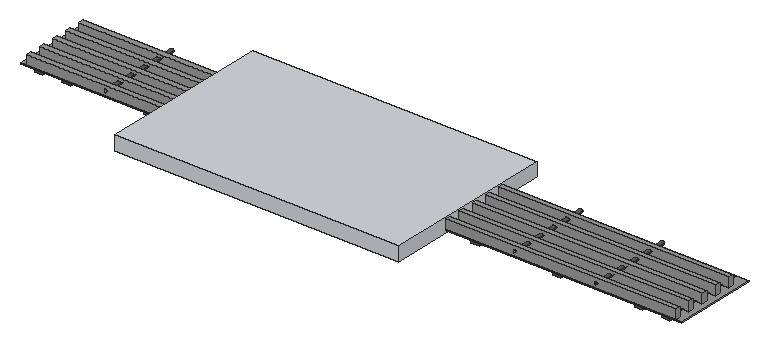
Revit family "1412-5, Solid", category Generic Models, host Face, Revit 2020
Family settings
  Host = Face
  Can host rebar = No
  Round Connector Dimension = Use Diameter
  Part Type = Normal
  Cut with Voids When Loaded = No
  Shared = No
  Room Calculation Point = No
Parameters
  min_value [instance] = 2' - 4"  # constant formula
  max_value [instance] = 11' - 11 1/4"  # constant formula
  actual_value [instance] = if(NET LENGTH < min_value, min_value, if(NET LENGTH > max_value, max_value, NET LENGTH))  # 7' - 11 1/4"
  SCRIM MATERIAL [instance] = SCRIM
  SCRIM APPEARANCE [instance] = yes
  NET LENGTH [instance] = 7' - 11 1/4"
  IMPORTANT NOTE!!!                                                                             *Backer & dowel layout is for visualization purposes only, final layout to be determined by 9Wood. [instance] = ""
  Default Elevation = 4' - 0"
  DOWEL RADIUS [instance] = 0' - 0 1/4"  # constant formula
  BACKER & DOWEL MATERIAL [instance] = BLACK-BACKERS
  .. MEMBER WIDTH [instance] = 0' - 0 3/4"  # constant formula
  .. MEMBER MATERIAL [instance] = Solid Western Hemlock
  .. MEMBER DEPTH [instance] = 0' - 1 3/8"  # constant formula
  .. MEMBER COUNT [instance] = 5  # constant formula
Reference planes (in)
  plane 1 "Center (Front/Back)": y = 0
  plane 2: z = 0
  plane 3 "Center (Left/Right)": x = 0
Forms (in)
  Extrusion 1, solid
    sketch origin (0, 0, 0) x (1, 0, 0) y (0, 1, 0)
      loop
        line (-24.24823, 14.63962) -> (-24.24823, -10.69266) -> (17.36192, -10.69266) -> (17.36192, 14.63962) -> (-24.24823, 14.63962)
    from 0 to 2.0625
Dimensions and locks (in)
  aligned and locked: plane 2 to Extrusion 1
Nested families (in)
  nested 1: "1400 series" at (-44.01308, -2.1224, 0.00189), NET LENGTH <- "actual_value", .. MEMBER DEPTH <- ".. MEMBER DEPTH", .. MEMBER WIDTH <- ".. MEMBER WIDTH", DOWEL RADIUS <- "DOWEL RADIUS", BACKER & DOWEL MATERIAL <- "BACKER & DOWEL MATERIAL", .. MEMBER MATERIAL <- ".. MEMBER MATERIAL", SCRIM MATERIAL <- "SCRIM MATERIAL", MEMBER COUNT <- ".. MEMBER COUNT", SCRIM APPEARANCE <- "SCRIM APPEARANCE", type "1400 series"
    with X 7' - 8", SCRIM MATERIAL SCRIM, SCRIM LENGTH 8' - 1", SCRIM APPEARANCE yes, SCRIM 2 0' - 0 7/8", SCRIM 1 0' - 0 3/32", OC TYP 1' - 0", NET LENGTH 7' - 11 1/4", N 8, MEMBER COUNT 5, INSET 2 0' - 0 3/16", INSET 0' - 1", HALF MEMBER WIDTH 0' - 0 3/8", END BACKER yes, DOWEL RADIUS 0' - 0 1/4", DOWEL INDEX 0' - 11 5/8", DOWEL COUNT 7, BACKING M COUNT 8, BACKER WIDTH 0' - 1 1/4", BACKER INDEX 0' - 5 5/8", BACKER DEPTH 0' - 0 1/2", BACKER & DOWEL MATERIAL BLACK-BACKERS, BACKER &  DOWEL LENGTH 0' - 11 7/8", .. MEMBER WIDTH 0' - 0 3/4", .. MEMBER OC TYP 0' - 2.4", .. MEMBER MATERIAL Solid Western Hemlock, .. MEMBER DEPTH 0' - 1 3/8"
Definition of nested family "1400 series"
  Parameters (values of type "1400 series")
    X [instance] = NET LENGTH - 0' 3 1/4"  # 7' - 2"
    SCRIM MATERIAL [instance] = none
    SCRIM APPEARANCE [instance] = yes
    SCRIM 2 [instance] = 0' - 0 7/8"  # constant formula
    SCRIM 1 [instance] = 0' - 0 3/32"  # constant formula
    OC TYP [instance] = 1' - 0"  # constant formula
    N [instance] = if((X - (rounddown(X / 1' 0") * 1' 0")) > 1' 0", rounddown(X / 1' 0") + 2, rounddown(X / 1' 0") + 1)  # 8
    MEMBER COUNT [instance] = 2
    INSET 5 = 0' - 0 11/16"  # constant formula
    INSET 2 [instance] = 0' - 0 3/16"  # constant formula
    INSET [instance] = 0' - 1"  # constant formula
    END BACKER [instance] = BACKER INDEX > 0' 3 5/8"  # no
    HALF MEMBER WIDTH [instance] = .. MEMBER WIDTH / 2  # 0' - 1 1/8"
    Default Elevation = 0' - 0"
    DOWEL RADIUS [instance] = 0' - 0 1/4"
    DOWEL INDEX [instance] = BACKER INDEX + 0' 6"  # 0' - 8 5/8"
    DOWEL COUNT [instance] = N - 1  # 7
    BACKER WIDTH [instance] = 0' - 1 1/4"  # constant formula
    BACKER INDEX [instance] = (NET LENGTH - ((N - 1) * 1' 0")) / 2  # 0' - 2 5/8"
    BACKER DEPTH [instance] = 0' - 0 1/2"  # constant formula
    BACKING M COUNT [instance] = N  # 8
    BACKER & DOWEL MATERIAL [instance] = none
    BACKER &  DOWEL LENGTH [instance] = 0' - 11 7/8"  # constant formula
    SCRIM LENGTH [instance] = NET LENGTH + (SCRIM 2 * 2)  # 7' - 7"
    .. MEMBER WIDTH [instance] = 0' - 2 1/4"
    .. MEMBER OC TYP [instance] = 1' 0" / MEMBER COUNT  # 0' - 6"
    .. MEMBER MATERIAL [instance] = none
    NET LENGTH [instance] = 7' - 5 1/4"
    .. MEMBER DEPTH [instance] = 0' - 4"
  Reference planes (in)
    plane 1 "Center (Front/Back)": y = 0
    plane 2: z = 0
    plane 3 "Center (Left/Right)": x = 0
    plane 4: x = 89.25
    plane 5: x = 1
    plane 6: x = 88.25
    plane 7: x = 2.625
    plane 8: x = 8.625
    plane 9: x = 14.625
    plane 10: x = 20.625
    plane 11: y = 0.1875
    plane 12: y = 1.125
    plane 13: y = 7.125
    plane 14: y = 12.0625
    plane 15: x = 90.125
    plane 16: x = -0.875
    plane 17: y = 12.15625
    plane 18: y = -0.09375
    plane 19: z = 2.7097
    plane 20: z = 0.49811
    plane 21: z = 0.56061
    plane 22: z = 1.24811
  Lines and regions (in)
    model lines, not visible
      curve 1: line (8.625, 0, 0.99811) -> (8.625, 0, 1.49811)
      curve 2: line (8.625, 0, 1.49811) -> (8.375, 0, 1.24811)
      curve 3: line (8.375, 0, 1.24811) -> (8.875, 0, 1.24811)
      curve 4: line (20.625, 0, 0.99811) -> (20.625, 0, 1.49811)
      curve 5: line (20.625, 0, 1.49811) -> (20.375, 0, 1.24811)
      curve 6: line (20.375, 0, 1.24811) -> (20.875, 0, 1.24811)
      curve 7: line (32.625, 0, 0.99811) -> (32.625, 0, 1.49811)
      curve 8: line (32.625, 0, 1.49811) -> (32.375, 0, 1.24811)
      curve 9: line (32.375, 0, 1.24811) -> (32.875, 0, 1.24811)
      curve 10: line (44.625, 0, 0.99811) -> (44.625, 0, 1.49811)
      curve 11: line (44.625, 0, 1.49811) -> (44.375, 0, 1.24811)
      curve 12: line (44.375, 0, 1.24811) -> (44.875, 0, 1.24811)
      curve 13: line (56.625, 0, 0.99811) -> (56.625, 0, 1.49811)
      curve 14: line (56.625, 0, 1.49811) -> (56.375, 0, 1.24811)
      curve 15: line (56.375, 0, 1.24811) -> (56.875, 0, 1.24811)
      curve 16: line (68.625, 0, 0.99811) -> (68.625, 0, 1.49811)
      curve 17: line (68.625, 0, 1.49811) -> (68.375, 0, 1.24811)
      curve 18: line (68.375, 0, 1.24811) -> (68.875, 0, 1.24811)
      curve 19: line (80.625, 0, 0.99811) -> (80.625, 0, 1.49811)
      curve 20: line (80.625, 0, 1.49811) -> (80.375, 0, 1.24811)
      curve 21: line (80.375, 0, 1.24811) -> (80.875, 0, 1.24811)
  Dimensions and locks (in)
    "INSET": plane 3 "Center (Left/Right)" to plane 5
    "NET LENGTH": plane 3 "Center (Left/Right)" to plane 4
    "INSET": plane 6 to plane 4
    "BACKER INDEX": plane 3 "Center (Left/Right)" to plane 7
    "DOWEL INDEX": plane 3 "Center (Left/Right)" to plane 8
    "OC TYP": plane 7 to plane 9
    "OC TYP": plane 8 to plane 10
    "INSET 2": plane 1 "Center (Front/Back)" to plane 11
    equal spacing: group 1, group 2, group 5, group 6, group 7, group 13, group 14, group 16  (x3)
    equal spacing: group 3, group 4, group 8, group 9, group 10, group 15, group 17  (x3)
    group 11 to group 12 = 0' - 0"  (x2)
    group 11 to group 12 = 0' - 6"
    ".. MEMBER OC TYP": plane 13 to plane 12
    "HALF MEMBER WIDTH": plane 1 "Center (Front/Back)" to plane 12
    "SCRIM 2": plane 16 to plane 3 "Center (Left/Right)"
    "SCRIM 2": plane 4 to plane 15
    "SCRIM 1": plane 18 to plane 1 "Center (Front/Back)"
    "SCRIM 1": plane 17 to plane 14
    "INSET 5": plane 22 to plane 21
    aligned and locked: level to plane 2
    aligned and locked: plane 7 to nested 2
    aligned and locked: plane 5 to nested 1
    aligned and locked: plane 9 to nested 3
    aligned and locked: nested 1 to plane 5
    aligned and locked: nested 2 to plane 11
    aligned and locked: nested 1 to plane 11
    aligned and locked: nested 3 to plane 11
    aligned and locked: nested 4 to plane 11  (x2)
    aligned and locked: plane 10 to nested 5
    aligned and locked: plane 6 to nested 12
    aligned and locked: nested 5 to plane 11
    aligned and locked: plane 11 to nested 12
    aligned and locked: plane 12 to nested 13
    aligned and locked: nested 14 to plane 13
    aligned and locked: plane 14 to nested 8
    aligned and locked: plane 16 to nested 15
    aligned and locked: nested 15 to plane 18
    aligned and locked: nested 15 to plane 17
    aligned and locked: nested 15 to plane 16  (x2)
    aligned and locked: nested 1 to level
    aligned and locked: level to nested 3
    aligned and locked: plane 20 to nested 2
    aligned and locked: plane 20 to nested 1
    aligned and locked: plane 20 to nested 3
    aligned and locked: nested 12 to plane 20
    aligned and locked: nested 15 to plane 20
    aligned and locked: plane 21 to nested 15
    aligned and locked: nested 13 to plane 21
    aligned and locked: plane 22 to nested 4
    aligned and locked: plane 22 to nested 5
    aligned and locked: nested 13 to plane 8
    aligned and locked: plane 10 to nested 13
    aligned and locked: curve 1 to nested 13
    aligned and locked: nested 13 to curve 4
  Automatic sketch dimensions
    curve 3 to curve 1 = 0' - 0 1/4"  (x2)
    curve 1 to curve 3 = 0' - 0 1/4"
    curve 1 to curve 2 = 0' - 0 1/4"
    curve 6 to curve 4 = 0' - 0 1/4"  (x2)
    curve 4 to curve 6 = 0' - 0 1/4"
    curve 4 to curve 5 = 0' - 0 1/4"
    curve 9 to curve 7 = 0' - 0 1/4"  (x2)
    curve 7 to curve 9 = 0' - 0 1/4"
    curve 7 to curve 8 = 0' - 0 1/4"
    curve 12 to curve 10 = 0' - 0 1/4"  (x2)
    curve 10 to curve 12 = 0' - 0 1/4"
    curve 10 to curve 11 = 0' - 0 1/4"
    curve 15 to curve 13 = 0' - 0 1/4"  (x2)
    curve 13 to curve 15 = 0' - 0 1/4"
    curve 13 to curve 14 = 0' - 0 1/4"
    curve 18 to curve 16 = 0' - 0 1/4"  (x2)
    curve 16 to curve 18 = 0' - 0 1/4"
    curve 16 to curve 17 = 0' - 0 1/4"
    curve 21 to curve 19 = 0' - 0 1/4"  (x2)
    curve 19 to curve 21 = 0' - 0 1/4"
    curve 19 to curve 20 = 0' - 0 1/4"
  Nested families (in)
    nested 1: "INSTANCE - 3RD -  EXTEND BOTH SIDES - Parametric Cube.0001" at (1, 0.1875, 0.49811), Length <- "BACKER &  DOWEL LENGTH", Width <- "BACKER WIDTH", Height <- "BACKER DEPTH", Material <- "BACKER & DOWEL MATERIAL", visible <- "END BACKER", type "INSTANCE - 3RD -  EXTEND BOTH SIDES - Parametric Cube.0001"
      with Width 0' - 1 1/4", Material none, Length 0' - 11 7/8", Height 0' - 0 1/2"
    nested 2: "INSTANCE - 2ND -  EXTEND SIDE H CENTER W - Parametric Cube.0001" at (2.625, 0.1875, 0.49811), Width <- "BACKER WIDTH", Length <- "BACKER &  DOWEL LENGTH", Height <- "BACKER DEPTH", Material <- "BACKER & DOWEL MATERIAL", type "INSTANCE - 2ND -  EXTEND SIDE H CENTER W - Parametric Cube.0001"
      with Width 0' - 1 1/4", Material none, Length 0' - 11 7/8", Height 0' - 0 1/2"
    nested 3: "INSTANCE - 2ND -  EXTEND SIDE H CENTER W - Parametric Cube.0001" at (14.625, 0.1875, 0.49811), Width <- "BACKER WIDTH", Length <- "BACKER &  DOWEL LENGTH", Height <- "BACKER DEPTH", Material <- "BACKER & DOWEL MATERIAL", type "INSTANCE - 2ND -  EXTEND SIDE H CENTER W - Parametric Cube.0001"
      with Width 0' - 1 1/4", Material none, Length 0' - 11 7/8", Height 0' - 0 1/2"
    nested 4: "DOWEL" at (-1.375, 0.1875, 1.24811), DOWEL LENGTH <- "BACKER &  DOWEL LENGTH", DOWEL RADII <- "DOWEL RADIUS", BACKING MEM MATERIAL <- "BACKER & DOWEL MATERIAL", type "DOWEL"
      with DOWEL RADII 0' - 0 1/4", DOWEL LENGTH 0' - 11 7/8", BACKING MEM MATERIAL none
    nested 5: "DOWEL" at (10.625, 0.1875, 1.24811), DOWEL LENGTH <- "BACKER &  DOWEL LENGTH", DOWEL RADII <- "DOWEL RADIUS", BACKING MEM MATERIAL <- "BACKER & DOWEL MATERIAL", type "DOWEL"
      with DOWEL RADII 0' - 0 1/4", DOWEL LENGTH 0' - 11 7/8", BACKING MEM MATERIAL none
    nested 6: "INSTANCE - 2ND -  EXTEND SIDE H CENTER W - Parametric Cube.0001" at (26.625, 0.1875, 0.49811), Width <- "BACKER WIDTH", Length <- "BACKER &  DOWEL LENGTH", Height <- "BACKER DEPTH", Material <- "BACKER & DOWEL MATERIAL", type "INSTANCE - 2ND -  EXTEND SIDE H CENTER W - Parametric Cube.0001"
      with Width 0' - 1 1/4", Material none, Length 0' - 11 7/8", Height 0' - 0 1/2"
    nested 7: "INSTANCE - 2ND -  EXTEND SIDE H CENTER W - Parametric Cube.0001" at (38.625, 0.1875, 0.49811), Width <- "BACKER WIDTH", Length <- "BACKER &  DOWEL LENGTH", Height <- "BACKER DEPTH", Material <- "BACKER & DOWEL MATERIAL", type "INSTANCE - 2ND -  EXTEND SIDE H CENTER W - Parametric Cube.0001"
      with Width 0' - 1 1/4", Material none, Length 0' - 11 7/8", Height 0' - 0 1/2"
    nested 8: "INSTANCE - 2ND -  EXTEND SIDE H CENTER W - Parametric Cube.0001" at (50.625, 0.1875, 0.49811), Width <- "BACKER WIDTH", Length <- "BACKER &  DOWEL LENGTH", Height <- "BACKER DEPTH", Material <- "BACKER & DOWEL MATERIAL", type "INSTANCE - 2ND -  EXTEND SIDE H CENTER W - Parametric Cube.0001"
      with Width 0' - 1 1/4", Material none, Length 0' - 11 7/8", Height 0' - 0 1/2"
    nested 9: "DOWEL" at (22.625, 0.1875, 1.24811), DOWEL LENGTH <- "BACKER &  DOWEL LENGTH", DOWEL RADII <- "DOWEL RADIUS", BACKING MEM MATERIAL <- "BACKER & DOWEL MATERIAL", type "DOWEL"
      with DOWEL RADII 0' - 0 1/4", DOWEL LENGTH 0' - 11 7/8", BACKING MEM MATERIAL none
    nested 10: "DOWEL" at (34.625, 0.1875, 1.24811), DOWEL LENGTH <- "BACKER &  DOWEL LENGTH", DOWEL RADII <- "DOWEL RADIUS", BACKING MEM MATERIAL <- "BACKER & DOWEL MATERIAL", type "DOWEL"
      with DOWEL RADII 0' - 0 1/4", DOWEL LENGTH 0' - 11 7/8", BACKING MEM MATERIAL none
    nested 11: "DOWEL" at (46.625, 0.1875, 1.24811), DOWEL LENGTH <- "BACKER &  DOWEL LENGTH", DOWEL RADII <- "DOWEL RADIUS", BACKING MEM MATERIAL <- "BACKER & DOWEL MATERIAL", type "DOWEL"
      with DOWEL RADII 0' - 0 1/4", DOWEL LENGTH 0' - 11 7/8", BACKING MEM MATERIAL none
    nested 12: "INSTANCE - 3RD -  EXTEND BOTH SIDES - Parametric Cube.0001" at (88.25, 0.1875, 0.49811) x (-1, 0, 0) z (0, 0, 1), Width <- "BACKER WIDTH", Length <- "BACKER &  DOWEL LENGTH", Height <- "BACKER DEPTH", Material <- "BACKER & DOWEL MATERIAL", visible <- "END BACKER", type "INSTANCE - 3RD -  EXTEND BOTH SIDES - Parametric Cube.0001"
      with Width 0' - 1 1/4", Material none, Length 0' - 11 7/8", Height 0' - 0 1/2"
    nested 13: "HOLED MEMBER" at (0, -9.75, 8.12965), DOWEL INDEX <- "DOWEL INDEX", .. MEMBER LENGTH <- "NET LENGTH", .. MEMBER WIDTH <- ".. MEMBER WIDTH", DOWEL OC DIST <- "OC TYP", DOWEL RADII <- "DOWEL RADIUS", Material <- ".. MEMBER MATERIAL", DEPTH <- ".. MEMBER DEPTH", DOWEL COUNT <- "DOWEL COUNT", Space <- "INSET 5", type "HOLED MEMBER"
      with Space 0' - 0 11/16", Material none, Height 0' - 10.43096", HALF MEMBER WIDTH 0' - 1 1/8", DOWEL RADII 0' - 0 1/4", DOWEL OC DIST 1' - 0", DOWEL INDEX 0' - 8 5/8", DOWEL COUNT 7, DEPTH 0' - 4", .. MEMBER WIDTH 0' - 2 1/4", .. MEMBER LENGTH 7' - 5 1/4"
    nested 14: "HOLED MEMBER" at (0, -3.75, 8.12965), DOWEL INDEX <- "DOWEL INDEX", .. MEMBER LENGTH <- "NET LENGTH", .. MEMBER WIDTH <- ".. MEMBER WIDTH", DOWEL OC DIST <- "OC TYP", DOWEL RADII <- "DOWEL RADIUS", Material <- ".. MEMBER MATERIAL", DEPTH <- ".. MEMBER DEPTH", DOWEL COUNT <- "DOWEL COUNT", Space <- "INSET 5", type "HOLED MEMBER"
      with Space 0' - 0 11/16", Material none, Height 0' - 10.43096", HALF MEMBER WIDTH 0' - 1 1/8", DOWEL RADII 0' - 0 1/4", DOWEL OC DIST 1' - 0", DOWEL INDEX 0' - 8 5/8", DOWEL COUNT 7, DEPTH 0' - 4", .. MEMBER WIDTH 0' - 2 1/4", .. MEMBER LENGTH 7' - 5 1/4"
    nested 15: "INSTANCE - 3RD -  EXTEND BOTH SIDES - Parametric Cube.0001" at (-0.875, -0.09375, 0.56061), Width <- "SCRIM LENGTH", Material <- "SCRIM MATERIAL", visible <- "SCRIM APPEARANCE", type "INSTANCE - 3RD -  EXTEND BOTH SIDES - Parametric Cube.0001"
      with Width 7' - 7", Material none, Length 1' - 0 1/4", Height 0' - 0 1/16"
    nested 16: "INSTANCE - 2ND -  EXTEND SIDE H CENTER W - Parametric Cube.0001" at (62.625, 0.1875, 0.49811), Width <- "BACKER WIDTH", Length <- "BACKER &  DOWEL LENGTH", Height <- "BACKER DEPTH", Material <- "BACKER & DOWEL MATERIAL", type "INSTANCE - 2ND -  EXTEND SIDE H CENTER W - Parametric Cube.0001"
      with Width 0' - 1 1/4", Material none, Length 0' - 11 7/8", Height 0' - 0 1/2"
    nested 17: "INSTANCE - 2ND -  EXTEND SIDE H CENTER W - Parametric Cube.0001" at (74.625, 0.1875, 0.49811), Width <- "BACKER WIDTH", Length <- "BACKER &  DOWEL LENGTH", Height <- "BACKER DEPTH", Material <- "BACKER & DOWEL MATERIAL", type "INSTANCE - 2ND -  EXTEND SIDE H CENTER W - Parametric Cube.0001"
      with Width 0' - 1 1/4", Material none, Length 0' - 11 7/8", Height 0' - 0 1/2"
    nested 18: "DOWEL" at (58.625, 0.1875, 1.24811), DOWEL LENGTH <- "BACKER &  DOWEL LENGTH", DOWEL RADII <- "DOWEL RADIUS", BACKING MEM MATERIAL <- "BACKER & DOWEL MATERIAL", type "DOWEL"
      with DOWEL RADII 0' - 0 1/4", DOWEL LENGTH 0' - 11 7/8", BACKING MEM MATERIAL none
    nested 19: "INSTANCE - 2ND -  EXTEND SIDE H CENTER W - Parametric Cube.0001" at (86.625, 0.1875, 0.49811), Width <- "BACKER WIDTH", Length <- "BACKER &  DOWEL LENGTH", Height <- "BACKER DEPTH", Material <- "BACKER & DOWEL MATERIAL", type "INSTANCE - 2ND -  EXTEND SIDE H CENTER W - Parametric Cube.0001"
      with Width 0' - 1 1/4", Material none, Length 0' - 11 7/8", Height 0' - 0 1/2"
    nested 20: "DOWEL" at (70.625, 0.1875, 1.24811), DOWEL LENGTH <- "BACKER &  DOWEL LENGTH", DOWEL RADII <- "DOWEL RADIUS", BACKING MEM MATERIAL <- "BACKER & DOWEL MATERIAL", type "DOWEL"
      with DOWEL RADII 0' - 0 1/4", DOWEL LENGTH 0' - 11 7/8", BACKING MEM MATERIAL none
  Definition of nested family "INSTANCE - 3RD -  EXTEND BOTH SIDES - Parametric Cube.0001"
    Parameters (values of type "INSTANCE - 3RD -  EXTEND BOTH SIDES - Parametric Cube.0001")
      Width [instance] = 0' - 6"
      Material [instance] = none
      Length [instance] = 1' - 0"
      Height [instance] = 1' - 6"
      Default Elevation = 0' - 0"
    Reference planes (in)
      plane 1 "Center (Front/Back)": y = 0
      plane 2: z = 0
      plane 3 "Center (Left/Right)": x = 0
      plane 4: x = 6
      plane 5: y = 12
      plane 6: z = -18
    Forms (in)
      Extrusion 1, solid, material <- "Material"
        sketch origin (0, 6, 0) x (1, 0, 0) y (0, 1, 0)
          loop
            line (0, 6) -> (0, -6) -> (6, -6) -> (6, 6) -> (0, 6)
        from -18 to 0
    Dimensions and locks (in)
      "Height": plane 6 to level
      "Length": plane 1 "Center (Front/Back)" to plane 5
      "Width": plane 3 "Center (Left/Right)" to plane 4
      aligned and locked: plane 2 to level
      aligned and locked: Extrusion 1 sketch curve to plane 4
      aligned and locked: Extrusion 1 to plane 6
      aligned and locked: plane 5 to Extrusion 1
      aligned and locked: Extrusion 1 to plane 3 "Center (Left/Right)"
    Automatic sketch dimensions
      plane 1 "Center (Front/Back)" to Extrusion 1 sketch curve = 0' - 0"
      plane 5 to Extrusion 1 sketch curve = 0' - 0"
      Extrusion 1 sketch curve to plane 3 "Center (Left/Right)" = 0' - 0"
  Definition of nested family "INSTANCE - 2ND -  EXTEND SIDE H CENTER W - Parametric Cube.0001"
    Parameters (values of type "INSTANCE - 2ND -  EXTEND SIDE H CENTER W - Parametric Cube.0001")
      Width [instance] = 0' - 6"
      Material [instance] = none
      Length [instance] = 1' - 0"
      Height [instance] = 1' - 6"
      Default Elevation = 0' - 0"
    Reference planes (in)
      plane 1 "Center (Front/Back)": y = 0
      plane 2: z = 0
      plane 3 "Center (Left/Right)": x = 0
      plane 4: x = -3
      plane 5: x = 3
      plane 6: y = 12
      plane 7: z = -18
    Forms (in)
      Extrusion 1, solid, material <- "Material"
        sketch origin (0, 6, 0) x (1, 0, 0) y (0, 1, 0)
          loop
            line (-3, 6) -> (-3, -6) -> (3, -6) -> (3, 6) -> (-3, 6)
        from -18 to 0
    Dimensions and locks (in)
      equal spacing: plane 4, plane 3 "Center (Left/Right)", plane 5
      "Width": plane 4 to plane 5
      "Height": plane 7 to level
      "Length": plane 1 "Center (Front/Back)" to plane 6
      aligned and locked: plane 2 to level
      aligned and locked: plane 4 to Extrusion 1 sketch curve
      aligned and locked: Extrusion 1 sketch curve to plane 5
      aligned and locked: Extrusion 1 to plane 7
      aligned and locked: plane 6 to Extrusion 1
    Automatic sketch dimensions
      plane 1 "Center (Front/Back)" to Extrusion 1 sketch curve = 0' - 0"
      plane 6 to Extrusion 1 sketch curve = 0' - 0"
  Definition of nested family "DOWEL"
    Parameters (values of type "DOWEL")
      Default Elevation = 0' - 0"
      DOWEL RADII [instance] = 0' - 0 5/8"
      DOWEL LENGTH [instance] = 1' - 0"
      BACKING MEM MATERIAL [instance] = none
    Reference planes (in)
      plane 1 "Center (Front/Back)": y = 0
      plane 2: z = 0
      plane 3 "Center (Left/Right)": x = 0
      plane 4: y = 12
    Forms (in)
      Extrusion 1, solid, material <- "BACKING MEM MATERIAL"
        sketch origin (10, 0, 0) x (1, 0, 0) y (0, 0, 1)
          loop
            circle (0, 0) r 0.625
        from 0 to -12
      Extrusion 2, solid, not visible
        sketch origin (0, 0, 0) x (1, 0, 0) y (0, 0, 1)
          loop
            circle (0, 0) r 0.625
        from 0 to 12
      Extrusion 3, solid, not visible
        sketch origin (10, 0, 0) x (1, 0, 0) y (0, 0, 1)
          loop
            circle (0, 0) r 0.625
        from 0 to 2.5
      Extrusion 4, solid, not visible
        sketch origin (10, 0, 0) x (1, 0, 0) y (0, 0, 1)
          loop
            circle (0, 0) r 0.625
        from 0 to -12
    Lines and regions (in)
      model lines, not visible
        curve 1: line (-13, 0, 0) -> (-13, -12, 0)
        curve 2: line (13, 0, 0) -> (13, -12, 0)
        curve 3: line (9.89453, 0, 0) -> (10.08794, 0, 0)
        curve 4: line (9.89453, -2.5, 0) -> (10.08794, -2.5, 0)
        curve 6: line (10, 0, 0) -> (10, 2, 0)
      model lines
        curve 5: line (10, 0, 0) -> (10, 2, 0)
    Dimensions and locks (in)
      "DOWEL LENGTH": plane 1 "Center (Front/Back)" to plane 4
      "DOWEL RADII": radius of Extrusion 1 sketch curve
      "DOWEL RADII": radius of Extrusion 2 sketch curve
      "DOWEL RADII": radius of Extrusion 3 sketch curve
      "DOWEL RADII": radius of Extrusion 4 sketch curve
      "DOWEL RADII": radius of Extrusion 1
      aligned and locked: plane 2 to level
      aligned and locked: Extrusion 1 to plane 1 "Center (Front/Back)"  (x3)
      aligned and locked: plane 1 "Center (Front/Back)" to Extrusion 1
      aligned and locked: plane 4 to Extrusion 1
    Automatic sketch dimensions
      plane 1 "Center (Front/Back)" to curve 5 = 0' - 0"
      curve 5 to plane 1 "Center (Front/Back)" = 0' - 2"
      plane 3 "Center (Left/Right)" to curve 5 = 0' - 10"
      Extrusion 1 sketch curve to level = 0' - 0"
      plane 3 "Center (Left/Right)" to Extrusion 1 sketch curve = 0' - 10"
  Definition of nested family "HOLED MEMBER"
    Parameters (values of type "HOLED MEMBER")
      Space [instance] = 0' - 0 5/8"
      Material [instance] = none
      Height [instance] = 0' - 10.43096"
      HALF MEMBER WIDTH [instance] = .. MEMBER WIDTH / 2  # 0' - 0 5/16"
      Default Elevation = 0' - 0"
      DOWEL RADII [instance] = 0' - 0.34537"
      DOWEL OC DIST [instance] = 1' - 0"
      DOWEL INSET = 0' - 0 5/8"
      DOWEL INDEX [instance] = 0' - 5 5/8"
      DOWEL COUNT [instance] = 6
      DEPTH [instance] = 0' - 2"
      .. MEMBER WIDTH [instance] = 0' - 0 5/8"
      .. MEMBER LENGTH [instance] = 5' - 11 3/4"
    Reference planes (in)
      plane 1 "Center (Front/Back)": y = 12
      plane 2: z = -7.56904
      plane 3 "Center (Left/Right)": x = 0
      plane 4: x = 5.625
      plane 5: x = 17.625
      plane 6: y = 11.375
      plane 7: x = 71.75
      plane 8: y = 11.6875
      plane 9: z = -6.94404
      plane 10: z = -5.56904
    Forms (in)
      Extrusion 1, solid, material <- "Material"
        sketch origin (0, 12, -13.56904) x (1, 0, 0) y (0, 0, 1)
          loop
            line (0, 6) -> (71.75, 6) -> (71.75, 8) -> (0, 8) -> (0, 6)
        from 0.625 to 0
      Extrusion 2, void
        sketch origin (0, 12, -18.31904) x (1, 0, 0) y (0, 0, 1)
          loop
            circle (5.625, 11.375) r 0.34537
        from 0 to 12
      Extrusion 3, void, not visible
        sketch origin (0, 0, 0) x (1, 0, 0) y (0, 1, 0)
          loop
            circle (5.625, 11.375) r 0.34537
        from 0 to 12
      Extrusion 4, void, not visible
        sketch origin (0, 0, 0) x (1, 0, 0) y (0, 1, 0)
          loop
            circle (5.625, 11.375) r 0.34537
        from 0 to 12
      Extrusion 5, void, not visible
        sketch origin (12, 0, 0) x (1, 0, 0) y (0, 1, 0)
          loop
            circle (5.625, 11.375) r 0.34537
        from 0 to 12
      Extrusion 6, void, not visible
        sketch origin (0, 12, -17.56904) x (1, 0, 0) y (0, 0, 1)
          loop
            circle (5.625, 11.375) r 0.34537
        from 0 to 12
      Extrusion 7, void, not visible
        sketch origin (12, 12, -17.56904) x (1, 0, 0) y (0, 0, 1)
          loop
            circle (5.625, 11.375) r 0.34537
        from 0 to 12
      Extrusion 8, void, not visible
        sketch origin (0, 12, -19.56904) x (1, 0, 0) y (0, 0, 1)
          loop
            circle (5.625, 11.375) r 0.34537
        from 0 to 12
      Extrusion 9, void
        sketch origin (12, 12, -18.31904) x (1, 0, 0) y (0, 0, 1)
          loop
            circle (5.625, 11.375) r 0.34537
        from 0 to 12
      Extrusion 10, void
        sketch origin (24, 12, -18.31904) x (1, 0, 0) y (0, 0, 1)
          loop
            circle (5.625, 11.375) r 0.34537
        from 0 to 12
      Extrusion 11, void
        sketch origin (36, 12, -18.31904) x (1, 0, 0) y (0, 0, 1)
          loop
            circle (5.625, 11.375) r 0.34537
        from 0 to 12
      Extrusion 12, void
        sketch origin (48, 12, -18.31904) x (1, 0, 0) y (0, 0, 1)
          loop
            circle (5.625, 11.375) r 0.34537
        from 0 to 12
      Extrusion 13, void
        sketch origin (60, 12, -18.31904) x (1, 0, 0) y (0, 0, 1)
          loop
            circle (5.625, 11.375) r 0.34537
        from 0 to 12
      Extrusion 14, void, not visible
        sketch origin (24, 12, -17.56904) x (1, 0, 0) y (0, 0, 1)
          loop
            circle (5.625, 11.375) r 0.34537
        from 0 to 12
      Extrusion 15, void, not visible
        sketch origin (36, 12, -17.56904) x (1, 0, 0) y (0, 0, 1)
          loop
            circle (5.625, 11.375) r 0.34537
        from 0 to 12
      Extrusion 16, void, not visible
        sketch origin (48, 12, -17.56904) x (1, 0, 0) y (0, 0, 1)
          loop
            circle (5.625, 11.375) r 0.34537
        from 0 to 12
      Extrusion 17, void, not visible
        sketch origin (60, 12, -17.56904) x (1, 0, 0) y (0, 0, 1)
          loop
            circle (5.625, 11.375) r 0.34537
        from 0 to 12
      Extrusion 18, void, not visible
        sketch origin (24, 0, 0) x (1, 0, 0) y (0, 1, 0)
          loop
            circle (5.625, 11.375) r 0.34537
        from 0 to 12
      Extrusion 19, void, not visible
        sketch origin (36, 0, 0) x (1, 0, 0) y (0, 1, 0)
          loop
            circle (5.625, 11.375) r 0.34537
        from 0 to 12
      Extrusion 20, void, not visible
        sketch origin (48, 0, 0) x (1, 0, 0) y (0, 1, 0)
          loop
            circle (5.625, 11.375) r 0.34537
        from 0 to 12
      Extrusion 21, void, not visible
        sketch origin (60, 0, 0) x (1, 0, 0) y (0, 1, 0)
          loop
            circle (5.625, 11.375) r 0.34537
        from 0 to 12
    Cuts and joins
      Extrusion 2, Extrusion 9, Extrusion 10, Extrusion 11, Extrusion 12, Extrusion 13 cuts Extrusion 1
    Lines and regions (in)
      model lines, not visible
        curve 1: line (5.625, 11.72037, 0) -> (5.625, 11.02963, 0)
        curve 2: line (5.625, 11.72037, 0) -> (5.625, 11.02963, 0)
        curve 3: line (17.625, 11.72037, 0) -> (17.625, 11.02963, 0)
        curve 4: line (5.625, 12, -7.56904) -> (5.625, 11.87317, -7.56904)
        curve 5: line (5.625, 11.87317, -7.56904) -> (5.06195, 11.87317, -7.56904)
        curve 6: line (5.06195, 11.87317, -7.56904) -> (5.27963, 11.375, -7.56904)
        curve 7: line (0, 12, -6.19404) -> (0, 11.61951, -6.19404)
        curve 9: line (0, 11.375, -8.19404) -> (0, 11.6747, -8.19404)
        curve 10: line (5.625, 12, -7.56904) -> (5.625, 11.69863, -7.56904)
        curve 11: line (5.625, 12, -7.56904) -> (5.625, 11.69863, -7.56904)
        curve 12: line (5.625, 10.75, 0) -> (5.625, 10.75, 0.30137)
        curve 13: line (5.625, 10.75, 0) -> (5.625, 10.75, 0.30137)
        curve 14: line (17.625, 10.75, 0) -> (17.625, 10.75, 0.30137)
        curve 15: line (5.625, 12, -6.81904) -> (5.625, 11.69863, -6.81904)
        curve 16: line (17.625, 12, -6.81904) -> (17.625, 11.69863, -6.81904)
        curve 17: line (5.625, 12, -8.81904) -> (5.625, 11.69863, -8.81904)
        curve 18: line (17.625, 12, -7.56904) -> (17.625, 11.69863, -7.56904)
        curve 19: line (29.625, 12, -7.56904) -> (29.625, 11.69863, -7.56904)
        curve 20: line (41.625, 12, -7.56904) -> (41.625, 11.69863, -7.56904)
        curve 21: line (53.625, 12, -7.56904) -> (53.625, 11.69863, -7.56904)
        curve 22: line (65.625, 12, -7.56904) -> (65.625, 11.69863, -7.56904)
        curve 23: line (29.625, 12, -6.81904) -> (29.625, 11.69863, -6.81904)
        curve 24: line (41.625, 12, -6.81904) -> (41.625, 11.69863, -6.81904)
        curve 25: line (53.625, 12, -6.81904) -> (53.625, 11.69863, -6.81904)
        curve 26: line (65.625, 12, -6.81904) -> (65.625, 11.69863, -6.81904)
        curve 27: line (29.625, 11.72037, 0) -> (29.625, 11.02963, 0)
        curve 28: line (29.625, 10.75, 0) -> (29.625, 10.75, 0.30137)
        curve 29: line (41.625, 11.72037, 0) -> (41.625, 11.02963, 0)
        curve 30: line (41.625, 10.75, 0) -> (41.625, 10.75, 0.30137)
        curve 31: line (53.625, 11.72037, 0) -> (53.625, 11.02963, 0)
        curve 32: line (53.625, 10.75, 0) -> (53.625, 10.75, 0.30137)
        curve 33: line (65.625, 11.72037, 0) -> (65.625, 11.02963, 0)
        curve 34: line (65.625, 10.75, 0) -> (65.625, 10.75, 0.30137)
        curve 35: line (5.27963, 12, -6.94404) -> (5.97037, 12, -6.94404)
        curve 36: line (5.97037, 12, -6.94404) -> (5.625, 12, -6.59867)
        curve 37: line (5.625, 12, -6.59867) -> (5.625, 12, -7.28941)
        curve 38: line (5.27963, 11.375, 0) -> (5.97037, 11.375, 0)
        curve 39: line (5.97037, 11.375, 0) -> (5.625, 11.72037, 0)
        curve 40: line (5.625, 11.72037, 0) -> (5.625, 11.02963, 0)
        curve 41: line (5.27963, 11.375, 0) -> (5.97037, 11.375, 0)
        curve 42: line (5.97037, 11.375, 0) -> (5.625, 11.72037, 0)
        curve 43: line (5.625, 11.72037, 0) -> (5.625, 11.02963, 0)
        curve 44: line (17.27963, 11.375, 0) -> (17.97037, 11.375, 0)
        curve 45: line (17.97037, 11.375, 0) -> (17.625, 11.72037, 0)
        curve 46: line (17.625, 11.72037, 0) -> (17.625, 11.02963, 0)
        curve 47: line (5.27963, 12, -6.19404) -> (5.97037, 12, -6.19404)
        curve 48: line (5.97037, 12, -6.19404) -> (5.625, 12, -5.84867)
        curve 49: line (5.625, 12, -5.84867) -> (5.625, 12, -6.53941)
        curve 50: line (17.27963, 12, -6.19404) -> (17.97037, 12, -6.19404)
        curve 51: line (17.97037, 12, -6.19404) -> (17.625, 12, -5.84867)
        curve 52: line (17.625, 12, -5.84867) -> (17.625, 12, -6.53941)
        curve 53: line (5.27963, 12, -8.19404) -> (5.97037, 12, -8.19404)
        curve 54: line (5.97037, 12, -8.19404) -> (5.625, 12, -7.84867)
        curve 55: line (5.625, 12, -7.84867) -> (5.625, 12, -8.53941)
        curve 56: line (17.27963, 12, -6.94404) -> (17.97037, 12, -6.94404)
        curve 57: line (17.97037, 12, -6.94404) -> (17.625, 12, -6.59867)
        curve 58: line (17.625, 12, -6.59867) -> (17.625, 12, -7.28941)
        curve 59: line (29.27963, 12, -6.94404) -> (29.97037, 12, -6.94404)
        curve 60: line (29.97037, 12, -6.94404) -> (29.625, 12, -6.59867)
        curve 61: line (29.625, 12, -6.59867) -> (29.625, 12, -7.28941)
        curve 62: line (41.27963, 12, -6.94404) -> (41.97037, 12, -6.94404)
        curve 63: line (41.97037, 12, -6.94404) -> (41.625, 12, -6.59867)
        curve 64: line (41.625, 12, -6.59867) -> (41.625, 12, -7.28941)
        curve 65: line (53.27963, 12, -6.94404) -> (53.97037, 12, -6.94404)
        curve 66: line (53.97037, 12, -6.94404) -> (53.625, 12, -6.59867)
        curve 67: line (53.625, 12, -6.59867) -> (53.625, 12, -7.28941)
        curve 68: line (65.27963, 12, -6.94404) -> (65.97037, 12, -6.94404)
        curve 69: line (65.97037, 12, -6.94404) -> (65.625, 12, -6.59867)
        curve 70: line (65.625, 12, -6.59867) -> (65.625, 12, -7.28941)
        curve 71: line (29.27963, 12, -6.19404) -> (29.97037, 12, -6.19404)
        curve 72: line (29.97037, 12, -6.19404) -> (29.625, 12, -5.84867)
        curve 73: line (29.625, 12, -5.84867) -> (29.625, 12, -6.53941)
        curve 74: line (41.27963, 12, -6.19404) -> (41.97037, 12, -6.19404)
        curve 75: line (41.97037, 12, -6.19404) -> (41.625, 12, -5.84867)
        curve 76: line (41.625, 12, -5.84867) -> (41.625, 12, -6.53941)
        curve 77: line (53.27963, 12, -6.19404) -> (53.97037, 12, -6.19404)
        curve 78: line (53.97037, 12, -6.19404) -> (53.625, 12, -5.84867)
        curve 79: line (53.625, 12, -5.84867) -> (53.625, 12, -6.53941)
        curve 80: line (65.27963, 12, -6.19404) -> (65.97037, 12, -6.19404)
        curve 81: line (65.97037, 12, -6.19404) -> (65.625, 12, -5.84867)
        curve 82: line (65.625, 12, -5.84867) -> (65.625, 12, -6.53941)
        curve 83: line (29.27963, 11.375, 0) -> (29.97037, 11.375, 0)
        curve 84: line (29.97037, 11.375, 0) -> (29.625, 11.72037, 0)
        curve 85: line (29.625, 11.72037, 0) -> (29.625, 11.02963, 0)
        curve 86: line (41.27963, 11.375, 0) -> (41.97037, 11.375, 0)
        curve 87: line (41.97037, 11.375, 0) -> (41.625, 11.72037, 0)
        curve 88: line (41.625, 11.72037, 0) -> (41.625, 11.02963, 0)
        curve 89: line (53.27963, 11.375, 0) -> (53.97037, 11.375, 0)
        curve 90: line (53.97037, 11.375, 0) -> (53.625, 11.72037, 0)
        curve 91: line (53.625, 11.72037, 0) -> (53.625, 11.02963, 0)
        curve 92: line (65.27963, 11.375, 0) -> (65.97037, 11.375, 0)
        curve 93: line (65.97037, 11.375, 0) -> (65.625, 11.72037, 0)
        curve 94: line (65.625, 11.72037, 0) -> (65.625, 11.02963, 0)
      model lines
        curve 8: line (5.625, 12, -7.56904) -> (5.625, 11.69863, -7.56904)
    Dimensions and locks (in)
      "DOWEL INDEX": plane 3 "Center (Left/Right)" to plane 4
      "DOWEL OC DIST": plane 4 to plane 5
      ".. MEMBER LENGTH": plane 3 "Center (Left/Right)" to plane 7
      equal spacing: group 3, group 4, group 21, group 22, group 23, group 24  (x3)
      equal spacing: group 7, group 8, group 17, group 18, group 19, group 20  (x3)
      ".. MEMBER WIDTH": plane 6 to plane 1 "Center (Front/Back)"
      "HALF MEMBER WIDTH": plane 8 to plane 1 "Center (Front/Back)"
      equal spacing: group 1, group 12, group 13, group 14, group 15, group 16  (x2)
      equal spacing: group 16, group 15, group 14, group 13, group 12, group 1
      "DEPTH": plane 10 to level
      "Space": plane 9 to level
      "DOWEL RADII": radius of Extrusion 2 sketch curve
      "DOWEL RADII": radius of Extrusion 3 sketch curve
      "DOWEL RADII": radius of Extrusion 4 sketch curve
      "DOWEL RADII": radius of Extrusion 5 sketch curve
      "DOWEL RADII": radius of Extrusion 6 sketch curve
      "DOWEL RADII": radius of Extrusion 7 sketch curve
      "DOWEL RADII": radius of Extrusion 8 sketch curve
      "DOWEL RADII": radius of Extrusion 9 sketch curve
      "DOWEL RADII": radius of Extrusion 10 sketch curve
      "DOWEL RADII": radius of Extrusion 11 sketch curve
      "DOWEL RADII": radius of Extrusion 12 sketch curve
      "DOWEL RADII": radius of Extrusion 13 sketch curve
      "DOWEL RADII": radius of Extrusion 14 sketch curve
      "DOWEL RADII": radius of Extrusion 15 sketch curve
      "DOWEL RADII": radius of Extrusion 16 sketch curve
      "DOWEL RADII": radius of Extrusion 17 sketch curve
      "DOWEL RADII": radius of Extrusion 18 sketch curve
      "DOWEL RADII": radius of Extrusion 19 sketch curve
      "DOWEL RADII": radius of Extrusion 20 sketch curve
      "DOWEL RADII": radius of Extrusion 21 sketch curve
      aligned and locked: level to plane 2
      aligned and locked: Extrusion 1 to plane 3 "Center (Left/Right)"  (x2)
      aligned and locked: plane 7 to cut or joined group of Extrusion 1, Extrusion 2, Extrusion 9, Extrusion 10, Extrusion 11, Extrusion 12, Extrusion 13  (x2)
      aligned and locked: cut or joined group of Extrusion 1, Extrusion 2, Extrusion 9, Extrusion 10, Extrusion 11, Extrusion 12, Extrusion 13 to plane 1 "Center (Front/Back)"  (x2)
      aligned and locked: cut or joined group of Extrusion 1, Extrusion 2, Extrusion 9, Extrusion 10, Extrusion 11, Extrusion 12, Extrusion 13 to plane 6  (x2)
      aligned and locked: plane 4 to curve 11
      aligned and locked: curve 18 to plane 5
      aligned and locked: plane 4 to group 1
      aligned and locked: group 12 to plane 5
      aligned and locked: curve 35 to plane 9
      aligned and locked: plane 4 to curve 37
      aligned and locked: curve 56 to plane 9
      aligned and locked: curve 58 to plane 5
      aligned and locked: plane 10 to cut or joined group of Extrusion 1, Extrusion 2, Extrusion 9, Extrusion 10, Extrusion 11, Extrusion 12, Extrusion 13  (x2)
      aligned and locked: cut or joined group of Extrusion 1, Extrusion 2, Extrusion 9, Extrusion 10, Extrusion 11, Extrusion 12, Extrusion 13 to level
      aligned and locked: level to cut or joined group of Extrusion 1, Extrusion 2, Extrusion 9, Extrusion 10, Extrusion 11, Extrusion 12, Extrusion 13
    Automatic sketch dimensions
      curve 1 to curve 1 = 0' - 0.69074"
      curve 2 to curve 2 = 0' - 0.69074"
      curve 3 to curve 3 = 0' - 0.69074"
      Extrusion 1 sketch curve to plane 3 "Center (Left/Right)" = 0' - 0"
      Extrusion 1 sketch curve to plane 7 = 0' - 0"
      Extrusion 1 sketch curve to Extrusion 1 sketch curve = 0' - 2"
      Extrusion 1 sketch curve to level = 0' - 0"
      curve 8 to curve 8 = 0' - 0.30137"
      curve 10 to curve 10 = 0' - 0.30137"
      curve 8 to plane 4 = 0' - 0"
      plane 1 "Center (Front/Back)" to curve 8 = 0' - 0"
      plane 1 "Center (Front/Back)" to curve 8 = 0' - 0.30137"
      curve 11 to curve 11 = 0' - 0.30137"
      curve 12 to curve 12 = 0' - 0.30137"
      curve 13 to curve 13 = 0' - 0.30137"
      curve 14 to curve 14 = 0' - 0.30137"
      curve 15 to curve 15 = 0' - 0.30137"
      curve 16 to curve 16 = 0' - 0.30137"
      curve 17 to curve 17 = 0' - 0.30137"
      curve 18 to curve 18 = 0' - 0.30137"
      curve 19 to curve 19 = 0' - 0.30137"
      curve 20 to curve 20 = 0' - 0.30137"
      curve 21 to curve 21 = 0' - 0.30137"
      curve 22 to curve 22 = 0' - 0.30137"
      curve 23 to curve 23 = 0' - 0.30137"
      curve 24 to curve 24 = 0' - 0.30137"
      curve 25 to curve 25 = 0' - 0.30137"
      curve 26 to curve 26 = 0' - 0.30137"
      curve 27 to curve 27 = 0' - 0.69074"
      curve 28 to curve 28 = 0' - 0.30137"
      curve 29 to curve 29 = 0' - 0.69074"
      curve 30 to curve 30 = 0' - 0.30137"
      curve 31 to curve 31 = 0' - 0.69074"
      curve 32 to curve 32 = 0' - 0.30137"
      curve 33 to curve 33 = 0' - 0.69074"
      curve 34 to curve 34 = 0' - 0.30137"
      curve 37 to curve 35 = 0' - 0.34537"  (x2)
      curve 35 to curve 36 = 0' - 0.34537"
      curve 35 to curve 37 = 0' - 0.34537"
      curve 40 to curve 38 = 0' - 0.34537"  (x2)
      curve 38 to curve 39 = 0' - 0.34537"
      curve 38 to curve 40 = 0' - 0.34537"
      curve 43 to curve 41 = 0' - 0.34537"  (x2)
      curve 41 to curve 42 = 0' - 0.34537"
      curve 41 to curve 43 = 0' - 0.34537"
      curve 46 to curve 44 = 0' - 0.34537"  (x2)
      curve 44 to curve 45 = 0' - 0.34537"
      curve 44 to curve 46 = 0' - 0.34537"
      curve 49 to curve 47 = 0' - 0.34537"  (x2)
      curve 47 to curve 48 = 0' - 0.34537"
      curve 47 to curve 49 = 0' - 0.34537"
      curve 52 to curve 50 = 0' - 0.34537"  (x2)
      curve 50 to curve 51 = 0' - 0.34537"
      curve 50 to curve 52 = 0' - 0.34537"
      curve 55 to curve 53 = 0' - 0.34537"  (x2)
      curve 53 to curve 54 = 0' - 0.34537"
      curve 53 to curve 55 = 0' - 0.34537"
      curve 58 to curve 56 = 0' - 0.34537"  (x2)
      curve 56 to curve 57 = 0' - 0.34537"
      curve 56 to curve 58 = 0' - 0.34537"
      curve 61 to curve 59 = 0' - 0.34537"  (x2)
      curve 59 to curve 60 = 0' - 0.34537"
      curve 59 to curve 61 = 0' - 0.34537"
      curve 64 to curve 62 = 0' - 0.34537"  (x2)
      curve 62 to curve 63 = 0' - 0.34537"
      curve 62 to curve 64 = 0' - 0.34537"
      curve 67 to curve 65 = 0' - 0.34537"  (x2)
      curve 65 to curve 66 = 0' - 0.34537"
      curve 65 to curve 67 = 0' - 0.34537"
      curve 70 to curve 68 = 0' - 0.34537"  (x2)
      curve 68 to curve 69 = 0' - 0.34537"
      curve 68 to curve 70 = 0' - 0.34537"
      curve 73 to curve 71 = 0' - 0.34537"  (x2)
      curve 71 to curve 72 = 0' - 0.34537"
      curve 71 to curve 73 = 0' - 0.34537"
      curve 76 to curve 74 = 0' - 0.34537"  (x2)
      curve 74 to curve 75 = 0' - 0.34537"
      curve 74 to curve 76 = 0' - 0.34537"
      curve 79 to curve 77 = 0' - 0.34537"  (x2)
      curve 77 to curve 78 = 0' - 0.34537"
      curve 77 to curve 79 = 0' - 0.34537"
      curve 82 to curve 80 = 0' - 0.34537"  (x2)
      curve 80 to curve 81 = 0' - 0.34537"
      curve 80 to curve 82 = 0' - 0.34537"
      curve 85 to curve 83 = 0' - 0.34537"  (x2)
      curve 83 to curve 84 = 0' - 0.34537"
      curve 83 to curve 85 = 0' - 0.34537"
      curve 88 to curve 86 = 0' - 0.34537"  (x2)
      curve 86 to curve 87 = 0' - 0.34537"
      curve 86 to curve 88 = 0' - 0.34537"
      curve 91 to curve 89 = 0' - 0.34537"  (x2)
      curve 89 to curve 90 = 0' - 0.34537"
      curve 89 to curve 91 = 0' - 0.34537"
      curve 94 to curve 92 = 0' - 0.34537"  (x2)
      curve 92 to curve 93 = 0' - 0.34537"
      curve 92 to curve 94 = 0' - 0.34537"
